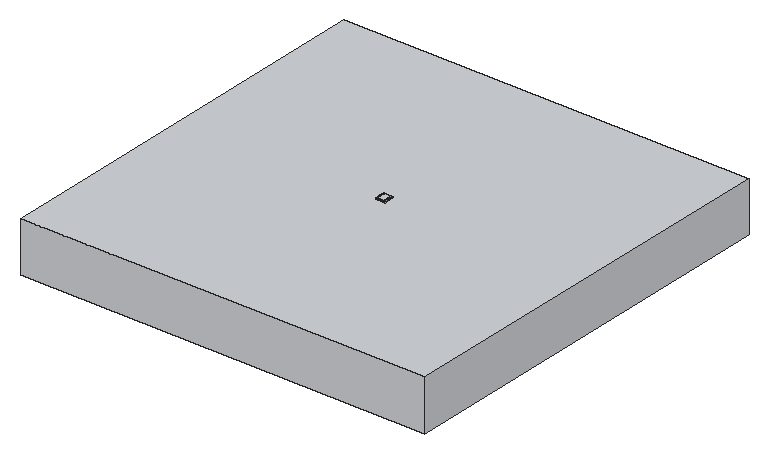
Revit family "Gira_513100", category Allgemeines Modell, Revit 2017
Family settings
  Basisbauteil = Fläche
  Kann Basisbauteil für Bewehrung sein = Nein
  Bemaßung runder Anschluss = Durchmesser verwenden
  Teiletyp = Normal
  Beim Laden mit Abzugskörper schneiden = Nein
  Gemeinsam genutzt = Nein
  Raumberechnungspunkt = Nein
Parameters
  Werkstoffgüte = "sonstige"
  Werkstoff = "sonstige"
  Default Elevation = 1219.2 mm
  URL = "https://www.gira.de/"
  Typname = "KNX Tastsens.3 Komfort 1f System 55, Gira E22"
  Transparent = no
  Schutzart (IP) = "IP20"
  Produktseite = "http://katalog.gira.de/de_DE/datenblatt.html?artikelnr=513100"
  Oberfläche = "sonstige"
  Montageart = "Unterputz"
  Mit Raumthermostat = yes
  Mit LED-Anzeige = no
  Mit Infrarotsensor = no
  Mit Display = no
  Mit Diebstahl-/Demontageschutz = yes
  Mit Busankopplung = no
  Mit Beschriftungsfeld = no
  Hersteller = "Gira"
  HAN = "513100"
  GTIN = "4010337086833"
  Farbe = "sonstige"
  Datenblatt = "https://katalog.gira.de/de_DE/download.html?artikelnr=513100"
  Bussystem Powernet = no
  Bussystem LON = no
  Bussystem KNX-Funk = no
  Bussystem KNX = yes
  Bussystem Funkbus = no
  Beschreibung = "KNX Tastsensor 3 Komfort 1fach System 55, Gira E22 Inbetriebnahme-Wippe Merkmale: - Montage auf Busankoppler 3. - Demontageschutz durch Verschraubung. - Zwei mehrfarbige Status-LEDs je Bedienfläche. - Integrierter Temperatursensor zum Messen und Weiterleiten der lokalen Raumtemperatur. - Wippen- oder Tastenfunktion für jede Bedienfläche einstellbar. - Wippenfunktion: Schalten, Dimmen, Jalousiesteuerung, Wertgeber 1 Byte, Wertgeber 2 Byte, Szenennebenstelle und Raumtemperaturregler-Nebenstelle. - Tastenfunktion: Schalten, Dimmen, Jalousiesteuerung, Wertgeber 1 Byte, Wertgeber 2 Byte, Szenennebenstelle und Raumtemperaturregler-Nebenstelle. - Reglernebenstelle: Betriebsmodusumschaltung mit normaler und hoher Priorität, definierte Wahl eines Betriebsmodus, Wechsel zwischen verschiedenen Betriebsmodi, Wechsel des Präsenzzustands, Sollwertverschiebung. - Sperrobjekt zum Sperren von einzelnen Tasten- bzw. Wippenfunktionen. - Anzeige einer Alarmmeldung durch Blinken sämtlicher LEDs. - Mehrfarbige Status-LED (rot, grün, blau) ist global oder jeweils getrennt konfigurierbar. Über den Bus kann eine überlagerte Funktion aktiviert werden, wodurch Farbe und Anzeigeinformation einzelner Status-LEDs prioritätsbedingt verändert werden können. - Kommunikationsobjekt zur Helligkeitssteuerung der Status-LED und zur Beschriftungsfeldbeleuchtung (z. B. für nächtliche Reduzierung der Helligkeit in Schlafräumen). - Beschriftungsfeldbeleuchtung bei Wippensets mit Beschriftungsfeld. - Beschriftungsfeldbeleuchtung EIN, AUS, automatische Abschaltung oder über Objekt schaltbar.  Hinweise : - Professionelle Beschriftung über den Gira Beschriftungsservice www.beschriftung.gira.de. - Der Tastsensor wird mit einer programmneutralen Inbetriebnahme-Wippe geliefert. Das passende Wippenset zum Schalterprogramm ist separat zu bestellen."
  BIM = "https://media.stage.bim.site/public/gira/ce1eeae/SYS55_Tastsensor.rfa"
  Ausführung der Oberfläche = "nicht zutreffend"
  Anzahl der Tasten = 1
  Anzahl der Betätigungspunkte = 2
  Andere Bussysteme = "ohne"
Reference planes
  plane 1 "Center (Front/Back)": y = 0
  plane 2: z = 0
  plane 3 "Center (Left/Right)": x = 0
Forms (mm)
  Extrusion 1, solid
    sketch origin (0, 0, 0) x (1, 0, 0) y (0, 1, 0)
      loop
        line (-1219.2, 1219.2) -> (-1219.2, -1219.2) -> (1219.2, -1219.2) -> (1219.2, 1219.2) -> (-1219.2, 1219.2)
    from 0 to -304.8
  Extrusion 2, solid, detail levels fine
    sketch origin (0, 0, 0) x (1, 0, 0) y (0, 1, 0)
      loop
        line (-6.6, -21.3) -> (-6.6, -16) -> (6.6, -16) -> (6.6, -21.3) -> (7.4, -21.3) -> (7.4, -15.2) -> (-7.4, -15.2) -> (-7.4, -21.3) -> (-6.6, -21.3)
    from -9.5 to -1.5
  Extrusion 3, solid, detail levels fine
    sketch origin (0, 0, 0) x (1, 0, 0) y (0, 1, 0)
      loop
        circle (-5.08, -17.5) r 0.5
      loop
        circle (-2.54, -17.48) r 0.5
      loop
        circle (0, -17.5) r 0.5
      loop
        circle (2.54, -17.48) r 0.5
      loop
        circle (5.08, -17.5) r 0.5
      loop
        circle (5.08, -20.04) r 0.5
      loop
        circle (2.54, -20.02) r 0.5
      loop
        circle (0, -20.04) r 0.5
      loop
        circle (-2.54, -20.02) r 0.5
      loop
        circle (-5.08, -20.04) r 0.5
    from -8.48 to -1.5
  Extrusion 4, solid, detail levels fine
    sketch origin (0, 0, 0) x (1, 0, 0) y (0, 1, 0)
      loop
        arc (-23.95, -19.15) -> (-22.544, -22.544) -> (-19.15, -23.95) r 4.8
        line (-19.15, -23.95) -> (19.15, -23.95)
        arc (19.15, -23.95) -> (22.544, -22.544) -> (23.95, -19.15) r 4.8
        line (23.95, -19.15) -> (23.95, 19.15)
        arc (23.95, 19.15) -> (22.544, 22.544) -> (19.15, 23.95) r 4.8
        line (19.15, 23.95) -> (-19.15, 23.95)
        arc (-19.15, 23.95) -> (-22.544, 22.544) -> (-23.95, 19.15) r 4.8
        line (-23.95, 19.15) -> (-23.95, -19.15)
    from -1.5 to 0.5
  Extrusion 5, solid, detail levels fine
    sketch origin (0, 0, 0) x (1, 0, 0) y (0, 1, 0)
      loop
        line (27.6, -27.7) -> (27.6, -26.6) -> (26.1, -26.6) -> (26.1, -10.4) -> (27.45, -10.4) -> (27.45, -8.1) -> (26.1, -8.1) -> (26.1, 8.1) -> (27.45, 8.1) -> (27.45, 10.4) -> (26.1, 10.4) -> (26.1, 26.6) -> (27.6, 26.6) -> (27.6, 27.7) -> (-27.6, 27.7) -> (-27.6, 26.6) -> (-26.1, 26.6) -> (-26.1, 10.4) -> (-27.45, 10.4) -> (-27.45, 8.1) -> (-26.1, 8.1) -> (-26.1, -8.1) -> (-27.45, -8.1) -> (-27.45, -10.4) -> (-26.1, -10.4) -> (-26.1, -26.6) -> (-27.6, -26.6) -> (-27.6, -27.7) -> (27.6, -27.7)
    from 0 to 5.44
  Extrusion 6, solid, detail levels fine
    sketch origin (0, 0, 0) x (0, 1, 0) y (0, 0, 1)
      loop
        arc (15.5, 5.92) -> (15.146, 5.774) -> (15, 5.42) r 0.5
        line (15, 5.42) -> (15, 3.62)
        arc (15, 3.62) -> (15.146, 3.267) -> (15.5, 3.12) r 0.5
        line (15.5, 3.12) -> (21.5, 3.12)
        arc (21.5, 3.12) -> (21.854, 3.267) -> (22, 3.62) r 0.5
        line (22, 3.62) -> (22, 5.42)
        arc (22, 5.42) -> (21.854, 5.774) -> (21.5, 5.92) r 0.5
        line (21.5, 5.92) -> (15.5, 5.92)
      loop
        line (11.4, 1.3) -> (25.6, 1.3)
        arc (25.6, 1.3) -> (25.954, 1.446) -> (26.1, 1.8) r 0.5
        line (26.1, 1.8) -> (26.1, 5.7) -> (27.65, 5.7) -> (27.635, 7.4) -> (-27.635, 7.4) -> (-27.65, 5.7) -> (-26.1, 5.7) -> (-26.1, 1.8)
        arc (-26.1, 1.8) -> (-25.954, 1.446) -> (-25.6, 1.3) r 0.5
        line (-25.6, 1.3) -> (-11.4, 1.3)
        arc (-11.4, 1.3) -> (-11.046, 1.446) -> (-10.9, 1.8) r 0.5
        line (-10.9, 1.8) -> (-10.9, 5.7) -> (-8.05, 5.7) -> (-8.05, 1.8)
        arc (-8.05, 1.8) -> (-7.904, 1.446) -> (-7.55, 1.3) r 0.5
        line (-7.55, 1.3) -> (7.55, 1.3)
        arc (7.55, 1.3) -> (7.904, 1.446) -> (8.05, 1.8) r 0.5
        line (8.05, 1.8) -> (8.05, 5.7) -> (10.9, 5.7) -> (10.9, 1.8)
        arc (10.9, 1.8) -> (11.046, 1.446) -> (11.4, 1.3) r 0.5
      loop
        line (3, 5.92) -> (-3, 5.92)
        arc (-3, 5.92) -> (-3.354, 5.774) -> (-3.5, 5.42) r 0.5
        line (-3.5, 5.42) -> (-3.5, 3.62)
        arc (-3.5, 3.62) -> (-3.354, 3.267) -> (-3, 3.12) r 0.5
        line (-3, 3.12) -> (3, 3.12)
        arc (3, 3.12) -> (3.354, 3.267) -> (3.5, 3.62) r 0.5
        line (3.5, 3.62) -> (3.5, 5.42)
        arc (3.5, 5.42) -> (3.354, 5.774) -> (3, 5.92) r 0.5
      loop
        arc (-15.5, 3.12) -> (-15.146, 3.267) -> (-15, 3.62) r 0.5
        line (-15, 3.62) -> (-15, 5.42)
        arc (-15, 5.42) -> (-15.146, 5.774) -> (-15.5, 5.92) r 0.5
        line (-15.5, 5.92) -> (-21.5, 5.92)
        arc (-21.5, 5.92) -> (-21.854, 5.774) -> (-22, 5.42) r 0.5
        line (-22, 5.42) -> (-22, 3.62)
        arc (-22, 3.62) -> (-21.854, 3.267) -> (-21.5, 3.12) r 0.5
        line (-21.5, 3.12) -> (-15.5, 3.12)
    from -27.45 to -25
  Extrusion 7, solid, detail levels fine
    sketch origin (0, 0, 0) x (0, 1, 0) y (0, 0, -1)
      loop
        line (15.5, -5.92) -> (21.5, -5.92)
        arc (21.5, -5.92) -> (21.854, -5.774) -> (22, -5.42) r 0.5
        line (22, -5.42) -> (22, -3.62)
        arc (22, -3.62) -> (21.854, -3.267) -> (21.5, -3.12) r 0.5
        line (21.5, -3.12) -> (15.5, -3.12)
        arc (15.5, -3.12) -> (15.146, -3.267) -> (15, -3.62) r 0.5
        line (15, -3.62) -> (15, -5.42)
        arc (15, -5.42) -> (15.146, -5.774) -> (15.5, -5.92) r 0.5
      loop
        arc (11.4, -1.3) -> (11.046, -1.446) -> (10.9, -1.8) r 0.5
        line (10.9, -1.8) -> (10.9, -5.7) -> (8.05, -5.7) -> (8.05, -1.8)
        arc (8.05, -1.8) -> (7.904, -1.446) -> (7.55, -1.3) r 0.5
        line (7.55, -1.3) -> (-7.55, -1.3)
        arc (-7.55, -1.3) -> (-7.904, -1.446) -> (-8.05, -1.8) r 0.5
        line (-8.05, -1.8) -> (-8.05, -5.7) -> (-10.9, -5.7) -> (-10.9, -1.8)
        arc (-10.9, -1.8) -> (-11.046, -1.446) -> (-11.4, -1.3) r 0.5
        line (-11.4, -1.3) -> (-25.6, -1.3)
        arc (-25.6, -1.3) -> (-25.954, -1.446) -> (-26.1, -1.8) r 0.5
        line (-26.1, -1.8) -> (-26.1, -5.7) -> (-27.65, -5.7) -> (-27.635, -7.4) -> (27.635, -7.4) -> (27.65, -5.7) -> (26.1, -5.7) -> (26.1, -1.8)
        arc (26.1, -1.8) -> (25.954, -1.446) -> (25.6, -1.3) r 0.5
        line (25.6, -1.3) -> (11.4, -1.3)
      loop
        arc (3, -5.92) -> (3.354, -5.774) -> (3.5, -5.42) r 0.5
        line (3.5, -5.42) -> (3.5, -3.62)
        arc (3.5, -3.62) -> (3.354, -3.267) -> (3, -3.12) r 0.5
        line (3, -3.12) -> (-3, -3.12)
        arc (-3, -3.12) -> (-3.354, -3.267) -> (-3.5, -3.62) r 0.5
        line (-3.5, -3.62) -> (-3.5, -5.42)
        arc (-3.5, -5.42) -> (-3.354, -5.774) -> (-3, -5.92) r 0.5
        line (-3, -5.92) -> (3, -5.92)
      loop
        line (-15.5, -3.12) -> (-21.5, -3.12)
        arc (-21.5, -3.12) -> (-21.854, -3.267) -> (-22, -3.62) r 0.5
        line (-22, -3.62) -> (-22, -5.42)
        arc (-22, -5.42) -> (-21.854, -5.774) -> (-21.5, -5.92) r 0.5
        line (-21.5, -5.92) -> (-15.5, -5.92)
        arc (-15.5, -5.92) -> (-15.146, -5.774) -> (-15, -5.42) r 0.5
        line (-15, -5.42) -> (-15, -3.62)
        arc (-15, -3.62) -> (-15.146, -3.267) -> (-15.5, -3.12) r 0.5
    from -27.45 to -25
  Extrusion 8, solid, detail levels fine
    sketch origin (-82.195, -64.588, 0) x (1, 0, 0) y (0, 1, 0)
      loop
        line (54.545, 36.952) -> (109.845, 36.952) -> (109.845, 92.223) -> (54.545, 92.223) -> (54.545, 36.952)
    from 6.703 to 8.9
  Extrusion 9, solid, detail levels fine
    sketch origin (0, 0, 0) x (1, 0, 0) y (0, 1, 0)
      loop
        line (-19.2, 27) -> (-19.2, -27) -> (19.2, -27) -> (19.2, 27) -> (-19.2, 27)
    from 5.44 to 8
  Extrusion 10, solid, detail levels fine
    sketch origin (0, 0, 0) x (1, 0, 0) y (0, 1, 0)
      loop
        circle (-23.85, 0) r 1.269
      loop
        circle (23.85, 0) r 1.269
    from 6.703 to 9.6
  Extrusion 11, solid, detail levels medium
    sketch origin (0, 0, 0) x (1, 0, 0) y (0, 1, 0)
      loop
        line (27.65, 27.7) -> (-27.65, 27.7) -> (-27.65, -27.7) -> (27.65, -27.7) -> (27.65, 27.7)
    from 0 to 9.6
  Extrusion 12, solid, detail levels medium
    sketch origin (0, 0, 0) x (1, 0, 0) y (0, 1, 0)
      loop
        line (-23.95, -23.95) -> (23.95, -23.95) -> (23.95, 23.95) -> (-23.95, 23.95) -> (-23.95, -23.95)
    from -1.5 to 0.5
  Extrusion 13, solid, detail levels medium
    sketch origin (0, 0, 0) x (1, 0, 0) y (0, 1, 0)
      loop
        line (-7.4, -21.3) -> (7.4, -21.3) -> (7.4, -15.2) -> (-7.4, -15.2) -> (-7.4, -21.3)
    from -9.5 to -1.5
  Extrusion 14, solid, detail levels coarse
    sketch origin (0, 0, 0) x (1, 0, 0) y (0, 1, 0)
      loop
        line (27.65, 27.7) -> (-27.65, 27.7) -> (-27.65, -27.7) -> (27.65, -27.7) -> (27.65, 27.7)
    from -9.5 to 9.6
Dimensions and locks
  aligned and locked: plane 2 to Extrusion 1
  aligned and locked: level to Extrusion 1
Connectors
  electrical at (0, 0, -9.5)
    settings: on Extrusion 14, index 1, voltage 220 V, apparent load 0 VA, apparent load phase1 0 VA, apparent load phase2 0 VA, apparent load phase3 0 VA, power factor 1, load classification "Other", number of poles 1, system type 30, power factor state 1, is connector primary yes, connector utility no, sub classification motor no, connector description ""
